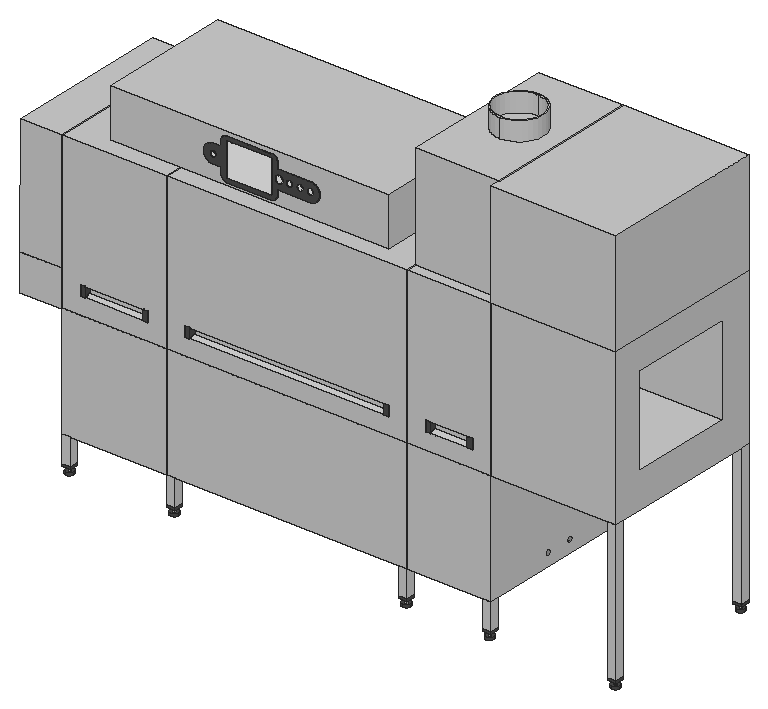
Revit family "QF_COMENDA_AC2EP5_L-R - Copia", category Attrezzature speciali, Revit 2017
Family settings
  Quota connettore circolare = Usa diametro
  Tipo di parte = Normale
  Basato su piano di lavoro = No
  Sempre verticale = Sì
  Taglio con vuoti quando caricato = No
  Condiviso = No
  Punto di calcolo locali = No
Parameters
  URL catalogo = "https://www.comenda.eu/site/assets/files/2458/ac2e.pdf"
  URL = "https://www.comenda.eu/"
  Tipo di raccordo elettrico = "Three-phase neutral"
  Tensione = 400 V
  Temperatura raccomandata per acqua fredda  = 12 °C
  Temperatura raccomandata per acqua calda  = 55 °C
  Temperatura dell'aria evacuata = 35 °C
  Protezione contro le sovracorrenti = 125 A
  Profondità = 790 mm
  Produttore = "Comenda"
  Pressione minima acqua calda = 2.0 bar
  Potenza in CV = "4603.7"
  Potenza elettrica = 33860 W
  Portata di evacuazione = 480.0 m³/h
  Phase = 3
  Pessione minima acqua fredda = 2.0 bar
  Peso netto = 320.00 kg
  Omniclass numero e denominazione = "23.40.40.14 Food Service Equipment"
  Numero dei poli = 3
  Modello = "AC2EP6N"
  Lunghezza = 2850 mm
  Frequenza = 50 Hz
  Flusso acqua fredda = 4.5 L/min
  Diametro raccordo acqua calda = 19.1 mm
  Diametro dello scarico diretto di acqua = 100 mm
  Diametro condotto di evacuazione = 230 mm
  Diametro condotta acqua fredda = 19.1 mm
  Descrizione = "600 mm PREWASH ZONE, 1150 mm WASH ZONE, 400 mm DOUBLE RINSE ZONE, 800 mm DRYING ZONE WITH INTEGRATED HEAT RECOVERY UNIT"
  Corrente di funzionamento normale = 56.2 A
  Codice assieme = "60BE03440"
  Altezza connessione scarico diretto = 170 mm
  Altezza connessione elettrica = 1615 mm
  Altezza connessione acqua fredda = 234 mm
  Altezza connessione acqua calda = 234 mm
  Altezza = 2040 mm
Reference planes
  plane 1 "Centro (Fronte/Retro)": y = 0
  plane 2: z = 0
  plane 3 "Centro (Sinistra/Destra)": x = 0
Lines and regions (mm)
  symbolic lines, style "QF_Clearance", detail levels coarse+medium
    curve 1: line (0, 100, 0) -> (2850, 100, 0)
  symbolic lines, style "QF_Clearance", detail levels coarse
    curve 2: line (0, -1330, 0) -> (2850, -1330, 0)
    curve 3: line (1093.025, -265.203, 0) -> (1253.025, -265.203, 0)
    curve 4: line (1253.025, -265.203, 0) -> (1253.025, -225.203, 0)
    curve 5: line (1093.025, -345.203, 0) -> (1253.025, -345.203, 0)
    curve 6: line (1253.025, -345.203, 0) -> (1253.025, -385.203, 0)
    curve 7: line (1253.025, -225.203, 0) -> (1348.365, -305.203, 0)
    curve 8: line (1253.025, -385.203, 0) -> (1348.365, -305.203, 0)
    curve 9: line (1093.025, -265.203, 0) -> (1093.025, -345.203, 0)
Dimensions and locks
  "Altezza connessione acqua calda": nested 2 to level
  "Altezza connessione acqua fredda": nested 2 to level
  "Altezza connessione elettrica": nested 4 to level
  "Profondità": nested 2 to nested 2
  "Altezza": nested 7 to nested 2
  "Lunghezza": nested 3 to nested 6
  aligned and locked: level to plane 2
  aligned and locked: plane 3 "Centro (Sinistra/Destra)" to curve 1
  aligned and locked: plane 3 "Centro (Sinistra/Destra)" to curve 2
  aligned and locked: curve 1 to curve 2
  aligned and locked: plane 1 "Centro (Fronte/Retro)" to nested 3
  aligned and locked: plane 3 "Centro (Sinistra/Destra)" to nested 3
  aligned and locked: plane 1 "Centro (Fronte/Retro)" to nested 5
  aligned and locked: nested 3 to nested 5
  aligned and locked: plane 1 "Centro (Fronte/Retro)" to nested 1
  aligned and locked: nested 1 to nested 5
  aligned and locked: nested 2 to nested 1
  aligned and locked: nested 1 to nested 2
  aligned and locked: nested 6 to nested 2
  aligned and locked: nested 2 to nested 6
  aligned and locked: nested 1 to nested 7
  aligned and locked: nested 7 to nested 6
Automatic sketch dimensions
  plane 1 "Centro (Fronte/Retro)" to curve 9 = 265.203 mm
  plane 3 "Centro (Sinistra/Destra)" to curve 9 = 1093.025 mm
  curve 3 to curve 4 = 160 mm
  plane 1 "Centro (Fronte/Retro)" to curve 8 = 385.203 mm
  curve 8 to curve 3 = 0 mm
  plane 1 "Centro (Fronte/Retro)" to curve 8 = 305.203 mm
  curve 3 to curve 8 = 95.34 mm
  curve 6 to curve 5 = 40 mm
  curve 3 to curve 4 = 40 mm
  curve 1 to plane 1 "Centro (Fronte/Retro)" = 100 mm
  curve 7 to curve 1 = 1501.635 mm
  plane 1 "Centro (Fronte/Retro)" to curve 2 = 1330 mm
Nested families
  nested 1: "QF_60-EM0-0" at (1275, 0, 0), type "QF_604EM000S"
  nested 2: "QF_60-EM0-0" at (2050, 0, 0), type "QF_604EM040S"
  nested 3: "QF_602EA000" at (0, 0, 0), type "602EA010"
  nested 4: "QF_110903" at (1027.92, -64.429, 0), type "QF_110903"
  nested 5: "QF_60-EM0-0" at (450, 0, 0), type "QF_602EM010S"
  nested 6: "QF_602EM040" at (2550, 0, 0), type "QF_602EA040S"
  nested 7: "QF_602EA030" at (1850, 0, 0), type "QF_602EA030"
Connectors
  piping at (1275, -540, 170), diameter 100, driven by "Diametro dello scarico diretto di acqua"
    settings: on nested 1, index 1, connector inside diameter 609.6 mm, connector length 0 mm, flow factor 0, pipe flow 0.0 L/min, pressure drop 0.0 bar, fitting loss kfactor 0, connector angle 0.00°, fixture units 0, engagement length 0 mm, angle of deflection 0.00°, flow configuration 0, flow direction 2, fitting loss method 0, system type 16, joint type 0, gender type 0, connector reference index -1, connector utility 1, adjustable connector no, is connector primary yes, connector description "QF_Drain point"
  electrical at (1592.92, -62.429, 1630), driven by "Numero dei poli", driven by "Tensione"
    settings: on nested 4, index 6, voltage 400 V, apparent load 0 VA, apparent load phase1 0 VA, apparent load phase2 0 VA, apparent load phase3 0 VA, power factor 1, load classification "Altro", number of poles 3, system type 30, power factor state 1, is connector primary yes, connector utility no, sub classification motor no, connector description "QF_Electrical connection"
  piping at (480, -475, 160), diameter 100, driven by "Diametro dello scarico diretto di acqua"
    settings: on nested 5, index 7, connector inside diameter 609.6 mm, connector length 0 mm, flow factor 0, pipe flow 0.0 L/min, pressure drop 0.0 bar, fitting loss kfactor 0, connector angle 0.00°, fixture units 0, engagement length 0 mm, angle of deflection 0.00°, flow configuration 0, flow direction 2, fitting loss method 0, system type 16, joint type 0, gender type 0, connector reference index -1, connector utility 1, adjustable connector no, is connector primary no, connector description "QF_Drain point"
  hvac at (2050, -370, 2040), driven by "Diametro condotto di evacuazione", driven by "Portata di evacuazione"
    settings: on nested 7, index 8, duct flow 480.0 m³/h, flow factor 0, pres drop 0.0 Pa, loss coef 0, conn angle 0.00°, conn width 304.8 mm, conn height 304.8 mm, conn diameter 230 mm, duct sys type 3, conn prof type 0, flow config 0, flow direction 2, loss method 0, conn ref index -1, conn util no, is conn primary yes, conn desc "QF_Exhaust air"
  piping at (2255, -453, 234), diameter 19.1, driven by "Diametro condotta acqua fredda", driven by "Flusso acqua fredda"
    settings: on nested 2, index 9, connector inside diameter 609.6 mm, connector length 0 mm, flow factor 0, pipe flow 4.5 L/min, pressure drop 0.0 bar, fitting loss kfactor 0, connector angle 0.00°, fixture units 0, engagement length 0 mm, angle of deflection 0.00°, flow configuration 0, flow direction 1, fitting loss method 0, system type 20, joint type 0, gender type 0, connector reference index -1, connector utility 0, adjustable connector no, is connector primary no, connector description "QF_Cold water inlet"
  piping at (2255, -323, 234), diameter 19.1, driven by "Diametro raccordo acqua calda"
    settings: on nested 2, index 10, connector inside diameter 609.6 mm, connector length 0 mm, flow factor 0, pipe flow 0.0 L/min, pressure drop 0.0 bar, fitting loss kfactor 0, connector angle 0.00°, fixture units 0, engagement length 0 mm, angle of deflection 0.00°, flow configuration 0, flow direction 1, fitting loss method 0, system type 19, joint type 0, gender type 0, connector reference index -1, connector utility 0, adjustable connector no, is connector primary no, connector description "QF_Hot water inlet"
Definition of nested family "QF_60-EM0-0"
  Parameters (values of type "QF_604EM040D")
    RIGHT WATER CONNECTION = no
    RIGHT FEET = no
    LOADING HEIGHT = 880 mm
    LENGTH = 400 mm
    LEFT WATER CONNECTION = yes
    LEFT FEET = yes
    INTERFACE = no
    ELECTRICAL CONNECTION = no
    DRAIN POINT FROM THE SIDE = 200 mm
    DRAIN POINT FROM BEHIND = 475 mm
    DRAIN POINT = no
    CENTRALIZED DRAIN POINT ON THE RIGHT = no
    CENTRALIZED DRAIN POINT ON THE LEFT = no
  Types (18, lengths in mm): name | RIGHT WATER CONNECTION | RIGHT FEET | LENGTH | LEFT WATER CONNECTION | LEFT FEET | INTERFACE | ELECTRICAL CONNECTION | DRAIN POINT FROM THE SIDE | DRAIN POINT FROM BEHIND | DRAIN POINT
    QF_601EM020D | no | no | 900 | yes | yes | no | no | 450 | 475 | no
    QF_601EM020S | yes | yes | 900 | no | no | no | no | 450 | 475 | no
    QF_604EM030D | no | yes | 900 | no | no | no | no | 450 | 475 | yes
    QF_604EM030S | no | no | 900 | no | yes | no | no | 450 | 475 | yes
    QF_602EM000D | yes | yes | 1150 | no | yes | yes | yes | 575 | 540 | yes
    QF_602EM000S | yes | yes | 1150 | no | yes | yes | yes | 575 | 540 | yes
    QF_604EM000S | no | yes | 1150 | no | yes | no | no | 575 | 540 | yes
    QF_604EM000D | no | yes | 1150 | no | yes | no | no | 575 | 540 | yes
    QF_602EM010D | yes | yes | 500 | no | no | no | no | 280 | 475 | yes
    QF_602EM010S | no | no | 500 | no | yes | no | no | 280 | 475 | yes
    QF_604EM010D | no | yes | 600 | no | no | no | no | 300 | 475 | yes
    QF_604EM010S | no | no | 600 | no | yes | no | no | 300 | 475 | yes
    QF_604EM040D | no | no | 400 | yes | yes | no | no | 200 | 475 | no
    QF_604EM040S | yes | yes | 400 | no | no | no | no | 200 | 475 | no
    QF_601EM060D | no | no | 400 | no | yes | no | no | 200 | 475 | no
    QF_601EM060S | no | yes | 400 | no | no | no | no | 200 | 475 | no
    QF_601EM070D | no | no | 600 | no | yes | no | no | 300 | 475 | no
    QF_601EM070S | no | yes | 600 | no | no | no | no | 300 | 475 | no
  Reference planes
    plane 1 "Centro (Fronte/Retro)": y = 0
    plane 2: z = 0
    plane 3 "Centro (Sinistra/Destra)": x = 0
  Forms (mm)
    Extrusion 1, solid
      sketch origin (0, 0, 0) x (1, 0, 0) y (0, 1, 0)
        loop
          line (-200, 0) -> (-200, -790) -> (200, -790) -> (200, 0) -> (-200, 0)
      from 170 to 710
    Extrusion 2, solid, visible <- "LEFT FEET"
      sketch origin (0, 0, 0) x (1, 0, 0) y (0, 1, 0)
        loop
          line (-200, 0) -> (-200, -40) -> (-160, -40) -> (-160, 0) -> (-200, 0)
        loop
          line (-200, -790) -> (-160, -790) -> (-160, -750) -> (-200, -750) -> (-200, -790)
      from 40 to 170
    Extrusion 3, solid, visible <- "RIGHT FEET"
      sketch origin (0, 0, 0) x (1, 0, 0) y (0, 1, 0)
        loop
          line (200, 0) -> (160, 0) -> (160, -40) -> (200, -40) -> (200, 0)
        loop
          line (200, -790) -> (200, -750) -> (160, -750) -> (160, -790) -> (200, -790)
      from 40 to 170
    Extrusion 4, solid, visible <- "LEFT FEET", detail levels fine
      sketch origin (0, 0, 40) x (0, 1, 0) y (1, 0, 0)
        loop
          line (-790, -200) -> (-750, -200) -> (-750, -160) -> (-790, -160) -> (-790, -200)
        loop
          line (-40, -200) -> (0, -200) -> (0, -160) -> (-40, -160) -> (-40, -200)
      from 0 to 10
    Extrusion 5, solid, visible <- "RIGHT FEET", detail levels fine
      sketch origin (0, 0, 40) x (0, 1, 0) y (1, 0, 0)
        loop
          line (-790, 200) -> (-790, 160) -> (-750, 160) -> (-750, 200) -> (-790, 200)
        loop
          line (-40, 200) -> (-40, 160) -> (0, 160) -> (0, 200) -> (-40, 200)
      from 0 to 10
    Extrusion 6, solid, visible <- "LEFT FEET"
      sketch origin (0, 0, 0) x (1, 0, 0) y (0, 1, 0)
        loop
          circle (-180, -20) r 20
        loop
          circle (-180, -770) r 20
      from 0 to 10
    Extrusion 7, solid, visible <- "RIGHT FEET"
      sketch origin (0, 0, 0) x (1, 0, 0) y (0, 1, 0)
        loop
          circle (180, -20) r 20
        loop
          circle (180, -770) r 20
      from 0 to 10
    Extrusion 8, solid, visible <- "RIGHT FEET"
      sketch origin (0, 0, 0) x (1, 0, 0) y (0, 1, 0)
        loop
          circle (180, -770) r 5
        loop
          circle (180, -20) r 5
      from 0 to 30
    Extrusion 9, solid, visible <- "LEFT FEET"
      sketch origin (0, 0, 0) x (1, 0, 0) y (0, 1, 0)
        loop
          circle (-180, -20) r 5
        loop
          circle (-180, -770) r 5
      from 0 to 30
    Extrusion 10, solid
      sketch origin (0, 0, 0) x (0, 1, 0) y (0, 0, 1)
        loop
          line (0, 710) -> (0, 1450) -> (-790, 1450) -> (-790, 710) -> (0, 710)
        loop
          line (-655, 1310) -> (-655, 880) -> (-155, 880) -> (-155, 1310) -> (-655, 1310)
      from -200 to 200
    Extrusion 11, solid, visible <- "DRAIN POINT", detail levels coarse
      sketch origin (0, 0, 170) x (0, 1, 0) y (1, 0, 0)
        loop
          circle (-475, 0) r 50
      from 0 to 10
    Blend 12, void, detail levels fine
      base sketch origin (0, -790, 710) x (0, 0, -1) y (-1, 0, 0)
        loop
          line (-130, 112) -> (-130, -112) -> (-80, -112) -> (-80, 112) -> (-130, 112)
      top sketch origin (0, -790, 710) x (0, 0, -1) y (-1, 0, 0)
        loop
          line (-120, 102) -> (-120, -102) -> (-90, -102) -> (-90, 102) -> (-120, 102)
      from 0 to 25
    Blend 13, solid, detail levels fine
      base sketch origin (0, -790, 710) x (0, 0, 1) y (-1, 0, 0)
        loop
          line (80, 112) -> (80, 92)
          arc (80, 92) -> (81.464, 88.464) -> (85, 87) r 5
          line (85, 87) -> (125, 87)
          arc (125, 87) -> (128.536, 88.464) -> (130, 92) r 5
          line (130, 92) -> (130, 112) -> (80, 112)
      top sketch origin (0, -790, 710) x (0, 0, 1) y (-1, 0, 0)
        loop
          line (120, 102) -> (90, 102) -> (90, 87) -> (120, 87) -> (120, 102)
      from 0 to -25
    Blend 14, solid, detail levels fine
      base sketch origin (0, -790, 710) x (0, 0, 1) y (-1, 0, 0)
        loop
          line (80, -112) -> (130, -112) -> (130, -92)
          arc (130, -92) -> (128.536, -88.464) -> (125, -87) r 5
          line (125, -87) -> (85, -87)
          arc (85, -87) -> (81.464, -88.464) -> (80, -92) r 5
          line (80, -92) -> (80, -112)
      top sketch origin (0, -790, 710) x (0, 0, 1) y (-1, 0, 0)
        loop
          line (90, -102) -> (120, -102) -> (120, -87) -> (90, -87) -> (90, -102)
      from 0 to -25
    Extrusion 15, solid, detail levels fine
      sketch origin (200, 0, 0) x (0, 1, 0) y (0, 0, 1)
        loop
          line (-655, 1310) -> (-655, 960) -> (-607, 960) -> (-607, 1210) -> (-603, 1210) -> (-603, 960) -> (-557, 960) -> (-557, 1210) -> (-553, 1210) -> (-553, 960) -> (-507, 960) -> (-507, 1210) -> (-503, 1210) -> (-503, 960) -> (-457, 960) -> (-457, 1210) -> (-453, 1210) -> (-453, 960) -> (-407, 960) -> (-407, 1210) -> (-403, 1210) -> (-403, 960) -> (-357, 960) -> (-357, 1210) -> (-353, 1210) -> (-353, 960) -> (-307, 960) -> (-307, 1210) -> (-303, 1210) -> (-303, 960) -> (-257, 960) -> (-257, 1210) -> (-253, 1210) -> (-253, 960) -> (-207, 960) -> (-207, 1210) -> (-203, 1210) -> (-203, 960) -> (-155, 960) -> (-155, 1310) -> (-655, 1310)
      from 0 to -10
    Extrusion 16, solid, detail levels fine
      sketch origin (-200, 0, 0) x (0, -1, 0) y (0, 0, 1)
        loop
          line (155, 1310) -> (155, 960) -> (203, 960) -> (203, 1210) -> (207, 1210) -> (207, 960) -> (253, 960) -> (253, 1210) -> (257, 1210) -> (257, 960) -> (303, 960) -> (303, 1210) -> (307, 1210) -> (307, 960) -> (353, 960) -> (353, 1210) -> (357, 1210) -> (357, 960) -> (403, 960) -> (403, 1210) -> (407, 1210) -> (407, 960) -> (453, 960) -> (453, 1210) -> (457, 1210) -> (457, 960) -> (503, 960) -> (503, 1210) -> (507, 1210) -> (507, 960) -> (553, 960) -> (553, 1210) -> (557, 1210) -> (557, 960) -> (603, 960) -> (603, 1210) -> (607, 1210) -> (607, 960) -> (655, 960) -> (655, 1310) -> (155, 1310)
      from 0 to -10
    Extrusion 17, solid, visible <- "INTERFACE", detail levels fine
      sketch origin (200, -790, 0) x (-1, 0, 0) y (0, 0, -1)
        loop
          arc (280, -619.644) -> (294.142, -613.786) -> (300, -599.644) r 20
          line (300, -599.644) -> (300, -490)
          arc (300, -490) -> (294.142, -475.858) -> (280, -470) r 20
          line (280, -470) -> (70, -470)
          arc (70, -470) -> (55.858, -475.858) -> (50, -490) r 20
          line (50, -490) -> (50, -599.644)
          arc (50, -599.644) -> (55.858, -613.786) -> (70, -619.644) r 20
          line (70, -619.644) -> (280, -619.644)
        loop
          arc (280, -609.644) -> (287.071, -606.715) -> (290, -599.644) r 10
          line (290, -599.644) -> (290, -490)
          arc (290, -490) -> (287.071, -482.929) -> (280, -480) r 10
          line (280, -480) -> (70, -480)
          arc (70, -480) -> (62.929, -482.929) -> (60, -490) r 10
          line (60, -490) -> (60, -599.644)
          arc (60, -599.644) -> (62.929, -606.715) -> (70, -609.644) r 10
          line (70, -609.644) -> (280, -609.644)
      from 0 to 2
    Extrusion 18, solid, visible <- "INTERFACE", detail levels fine
      sketch origin (200, -790, 0) x (-1, 0, 0) y (0, 0, -1)
        loop
          arc (280, -609.644) -> (287.071, -606.715) -> (290, -599.644) r 10
          line (290, -599.644) -> (290, -490)
          arc (290, -490) -> (287.071, -482.929) -> (280, -480) r 10
          line (280, -480) -> (70, -480)
          arc (70, -480) -> (62.929, -482.929) -> (60, -490) r 10
          line (60, -490) -> (60, -599.644)
          arc (60, -599.644) -> (62.929, -606.715) -> (70, -609.644) r 10
          line (70, -609.644) -> (280, -609.644)
      from 0 to 2
    Extrusion 19, solid, visible <- "RIGHT WATER CONNECTION"
      sketch origin (200, 0, 0) x (0, -1, 0) y (0, 0, -1)
        loop
          circle (323, -234) r 9.55
        loop
          circle (453, -234) r 9.55
      from 0 to 5
    Extrusion 20, solid, visible <- "LEFT WATER CONNECTION"
      sketch origin (-200, -790, 0) x (0, 1, 0) y (0, 0, -1)
        loop
          circle (467, -234) r 9.55
        loop
          circle (337, -234) r 9.55
      from 0 to 5
    Extrusion 21, solid, visible <- "CENTRALIZED DRAIN POINT ON THE LEFT", detail levels coarse
      sketch origin (0, 0, 170) x (0, 1, 0) y (1, 0, 0)
        loop
          circle (-190, -150) r 50
      from 0 to 25
    Extrusion 22, solid, visible <- "CENTRALIZED DRAIN POINT ON THE RIGHT", detail levels coarse
      sketch origin (0, 0, 170) x (0, 1, 0) y (1, 0, 0)
        loop
          circle (-190, 150) r 50
      from 0 to 25
    Extrusion 23, solid, visible <- "ELECTRICAL CONNECTION", detail levels coarse
      sketch origin (0, 0, 170) x (0, 1, 0) y (1, 0, 0)
        loop
          circle (-715, -50) r 20
      from 0 to 25
    Extrusion 24, solid, detail levels coarse
      sketch origin (0, -790, 1450) x (0, 1, 0) y (-1, 0, 0)
        loop
          line (0, 200) -> (0, -200) -> (55, -200) -> (55, 200) -> (0, 200)
      from 0 to 550
  Cuts and joins
    Blend 12 cuts Extrusion 10
  Dimensions and locks
    equal spacing: Extrusion 1 sketch curve, plane 3 "Centro (Sinistra/Destra)", Extrusion 1 sketch curve
    "LENGTH": Extrusion 1 sketch curve to Extrusion 1 sketch curve
    locked: Extrusion 1 sketch curve to plane 1 "Centro (Fronte/Retro)" at 790
    locked: Extrusion 1 to Extrusion 1 at 540
    locked: Extrusion 1 to Extrusion 2 sketch curve at 40  (x3)
    locked: Extrusion 2 to level at 40
    locked: Extrusion 3 sketch curve to plane 1 "Centro (Fronte/Retro)" at 40
    locked: Extrusion 3 sketch curve to Extrusion 1 at 40
    locked: Extrusion 1 to Extrusion 3 sketch curve at 40
    locked: Extrusion 1 to Extrusion 6 sketch curve at 20  (x4)
    locked: Extrusion 7 sketch curve to Extrusion 1 at 20  (x2)
    locked: Extrusion 1 to Extrusion 7 sketch curve at 20  (x2)
    locked: Extrusion 8 sketch curve to Extrusion 1 at 20  (x2)
    locked: Extrusion 1 to Extrusion 8 sketch curve at 20  (x2)
    locked: Extrusion 9 sketch curve to Extrusion 2 at 20  (x2)
    locked: Extrusion 2 to Extrusion 9 sketch curve at 20  (x2)
    locked: Extrusion 10 sketch curve to Extrusion 1 at 740
    locked: Extrusion 10 sketch curve to Extrusion 10 sketch curve at 140
    locked: Extrusion 10 sketch curve to Extrusion 10 sketch curve at 155
    locked: Extrusion 10 sketch curve to Extrusion 10 sketch curve at 500
    locked: Extrusion 10 sketch curve to Extrusion 10 sketch curve at 430
    "LOADING HEIGHT": Extrusion 10 to level
    "DRAIN POINT FROM THE SIDE": Extrusion 11 sketch curve to Extrusion 1
    "DRAIN POINT FROM BEHIND": Extrusion 1 to Extrusion 11 sketch curve
    locked: Extrusion 10 to Blend 12 sketch curve at 88  (x2)
    locked: Extrusion 10 to Blend 12 sketch curve at 80
    locked: Blend 12 sketch curve to Blend 12 sketch curve at 50
    locked: Blend 13 sketch curve to Blend 13 sketch curve at 25
    locked: Blend 14 sketch curve to Blend 14 sketch curve at 25
    locked: Extrusion 15 sketch curve to cut or joined group of Extrusion 10, Blend 12 at 80  (x2)
    locked: Extrusion 15 sketch curve to cut or joined group of Extrusion 10, Blend 12 at 100
    locked: Extrusion 1 to Extrusion 17 sketch curve at 100
    locked: Extrusion 17 sketch curve to Extrusion 17 sketch curve at 250
    locked: Extrusion 17 sketch curve to Extrusion 1 at 300
    locked: Extrusion 17 sketch curve to Extrusion 17 sketch curve at 149.644
    locked: Extrusion 17 sketch curve to Extrusion 17 sketch curve at 10  (x4)
    locked: Extrusion 1 to Extrusion 19 sketch curve at 64  (x2)
    locked: Extrusion 19 sketch curve to Extrusion 1 at 323
    locked: Extrusion 19 sketch curve to Extrusion 1 at 453
    locked: Extrusion 1 to Extrusion 20 sketch curve at 64  (x2)
    locked: Extrusion 1 to Extrusion 20 sketch curve at 323
    locked: Extrusion 1 to Extrusion 20 sketch curve at 453
    locked: Extrusion 1 to Extrusion 21 sketch curve at 190
    locked: Extrusion 21 sketch curve to Extrusion 1 at 50
    locked: Extrusion 1 to Extrusion 22 sketch curve at 190
    locked: Extrusion 1 to Extrusion 22 sketch curve at 50
    locked: Extrusion 1 to Extrusion 23 sketch curve at 250
    locked: Extrusion 1 to Extrusion 23 sketch curve at 75
    locked: Extrusion 1 to Extrusion 24 sketch curve at 55
    aligned and locked: level to plane 2
    aligned and locked: plane 1 "Centro (Fronte/Retro)" to Extrusion 1 sketch curve
    aligned and locked: Extrusion 1 to Extrusion 2 sketch curve
    aligned and locked: Extrusion 2 sketch curve to Extrusion 2 sketch curve
    aligned and locked: Extrusion 2 sketch curve to Extrusion 1
    aligned and locked: Extrusion 2 to Extrusion 1
    aligned and locked: Extrusion 3 sketch curve to Extrusion 1  (x3)
    aligned and locked: Extrusion 1 to Extrusion 3 sketch curve
    aligned and locked: Extrusion 3 sketch curve to Extrusion 3 sketch curve
    aligned and locked: Extrusion 3 to Extrusion 1
    aligned and locked: Extrusion 2 to Extrusion 3
    aligned and locked: Extrusion 4 sketch curve to Extrusion 2  (x8)
    aligned and locked: Extrusion 5 sketch curve to Extrusion 3  (x8)
    aligned and locked: Extrusion 8 to Extrusion 5
    aligned and locked: Extrusion 8 to level
    aligned and locked: Extrusion 7 to level
    aligned and locked: Extrusion 9 to Extrusion 4
    aligned and locked: Extrusion 9 to level
    aligned and locked: Extrusion 10 sketch curve to Extrusion 1  (x3)
    aligned and locked: Extrusion 1 to Extrusion 10
    aligned and locked: Extrusion 10 to Extrusion 1
    aligned and locked: Blend 13 sketch curve to cut or joined group of Extrusion 10, Blend 12  (x5)
    aligned and locked: cut or joined group of Extrusion 10, Blend 12 to Blend 13 sketch curve
    aligned and locked: var sketch to Blend 13 sketch curve
    aligned and locked: Blend 13 to cut or joined group of Extrusion 10, Blend 12
    aligned and locked: Blend 13 to Extrusion 1
    aligned and locked: Blend 14 sketch curve to cut or joined group of Extrusion 10, Blend 12  (x6)
    aligned and locked: Blend 14 sketch curve to var sketch
    aligned and locked: Blend 14 to cut or joined group of Extrusion 10, Blend 12
    aligned and locked: Extrusion 15 sketch curve to cut or joined group of Extrusion 10, Blend 12  (x3)
    aligned and locked: Extrusion 15 sketch curve to Extrusion 15 sketch curve  (x17)
    aligned and locked: Extrusion 15 to Extrusion 1
    aligned and locked: Extrusion 16 sketch curve to cut or joined group of Extrusion 10, Blend 12
    aligned and locked: Extrusion 16 sketch curve to Extrusion 15  (x39)
    aligned and locked: cut or joined group of Extrusion 10, Blend 12 to Extrusion 16
    aligned and locked: Extrusion 18 sketch curve to Extrusion 17  (x4)
    aligned and locked: Extrusion 24 sketch curve to Extrusion 1  (x3)
  Automatic sketch dimensions
    Extrusion 2 sketch curve to Extrusion 2 sketch curve = 40 mm  (x2)
    Blend 12 sketch curve to Blend 12 sketch curve = 30 mm
    Blend 12 sketch curve to Extrusion 10 = 98 mm  (x2)
    Blend 12 sketch curve to Extrusion 10 = 120 mm
    Blend 13 sketch curve to Blend 13 sketch curve = 0 mm  (x2)
    Blend 13 sketch curve to Blend 13 sketch curve = 5 mm  (x2)
    Blend 14 sketch curve to Blend 14 sketch curve = 0 mm  (x2)
    Blend 14 sketch curve to Blend 14 sketch curve = 5 mm  (x2)
    Extrusion 10 to Extrusion 15 sketch curve = 48 mm
    Extrusion 15 sketch curve to Extrusion 15 sketch curve = 4 mm  (x9)
    Extrusion 15 sketch curve to Extrusion 15 sketch curve = 46 mm  (x8)
    Extrusion 17 sketch curve to Extrusion 17 sketch curve = 0 mm  (x10)
    Extrusion 17 sketch curve to Extrusion 17 sketch curve = 20 mm
    Extrusion 18 sketch curve to Extrusion 18 sketch curve = 10 mm  (x3)
    Extrusion 18 sketch curve to Extrusion 18 sketch curve = 0 mm
    radius of Extrusion 6 sketch curve = 20 mm  (x2)
    radius of Extrusion 7 sketch curve = 20 mm  (x2)
    radius of Extrusion 8 sketch curve = 5 mm  (x2)
    radius of Extrusion 9 sketch curve = 5 mm  (x2)
    radius of Extrusion 19 sketch curve = 9.55 mm  (x2)
    radius of Extrusion 20 sketch curve = 9.55 mm  (x2)
    radius of Extrusion 21 sketch curve = 50 mm
    radius of Extrusion 22 sketch curve = 50 mm
    radius of Extrusion 23 sketch curve = 20 mm
    radius of Extrusion 11 sketch curve = 50 mm
Definition of nested family "QF_602EA000"
  Parameters (values of type "602EA000")
    LOADING HEIGHT = 880 mm
    LENGTH = 200 mm
    INTERFACE = no
    602EA120L = no
    602EA024S = no
    602EA024D = no
    602EA010 = no
    602EA000 = yes
  Types (3, lengths in mm): name | INTERFACE | 602EA010 | 602EA000
    602EA010 | no | yes | no
    602EA000 | no | no | yes
    604EA000 | yes | no | no
  Reference planes
    plane 1 "Centro (Fronte/Retro)": y = 0
    plane 2: z = 0
    plane 3 "Centro (Sinistra/Destra)": x = 0
  Forms (mm)
    Extrusion 1, solid
      sketch origin (0, 0, 0) x (0, 1, 0) y (0, 0, 1)
        loop
          line (0, 880) -> (0, 1450) -> (-790, 1450) -> (-790, 880) -> (-655, 880) -> (-655, 1310) -> (-155, 1310) -> (-155, 880) -> (0, 880)
      from 0 to 200
    Extrusion 2, solid
      sketch origin (0, 0, 0) x (0, 1, 0) y (0, 0, 1)
        loop
          line (-790, 880) -> (-790, 704) -> (0, 704) -> (0, 880) -> (-790, 880)
      from 0 to 200
    Extrusion 3, solid, visible <- "602EA000"
      sketch origin (0, 0, 0) x (0, 1, 0) y (0, 0, 1)
        loop
          line (0, 1450) -> (-790, 1450) -> (-790, 970) -> (-655, 925) -> (-655, 1310) -> (-155, 1310) -> (-155, 925) -> (0, 970) -> (0, 1450)
      from 0 to 200
    Extrusion 4, solid, visible <- "602EA120L"
      sketch origin (0, 0, 1450) x (0, -1, 0) y (1, 0, 0)
        loop
          circle (395, 100) r 90
        loop
          circle (395, 100) r 88
      from 0 to 90
    Extrusion 5, solid, visible <- "INTERFACE", detail levels fine
      sketch origin (0, -790, 1350) x (0, 0, -1) y (1, 0, 0)
        loop
          line (-50, 25) -> (150, 25) -> (150, 175) -> (-50, 175) -> (-50, 102)
          arc (-50, 102) -> (-48, 100) -> (-50, 98) r 2
          line (-50, 98) -> (-50, 25)
        loop
          line (-30, 45) -> (130, 45) -> (130, 155) -> (-30, 155) -> (-30, 45)
      from 0 to 2
    Extrusion 6, solid, visible <- "INTERFACE", detail levels fine
      sketch origin (0, -790, 1350) x (0, 0, -1) y (1, 0, 0)
        loop
          line (-30, 45) -> (130, 45) -> (130, 155) -> (-30, 155) -> (-30, 45)
      from 0 to 2
    Extrusion 7, solid, visible <- "602EA024D"
      sketch origin (0, -790, 1350) x (0, 0, -1) y (1, 0, 0)
        loop
          line (-100, 200) -> (-20, 200) -> (-70, 400) -> (-100, 400) -> (-100, 200)
      from 0 to -790
    Extrusion 8, solid, visible <- "602EA024S"
      sketch origin (0, -790, 1350) x (0, 0, -1) y (1, 0, 0)
        loop
          line (-100, 0) -> (-100, -200) -> (-70, -200) -> (-20, 0) -> (-100, 0)
      from 0 to -790
  Dimensions and locks
    "LOADING HEIGHT": Extrusion 1 sketch curve to level
    Extrusion 1 sketch curve to Extrusion 1 sketch curve = 135 mm
    locked: Extrusion 1 sketch curve to Extrusion 1 sketch curve at 430
    locked: Extrusion 1 sketch curve to Extrusion 1 sketch curve at 140
    locked: Extrusion 1 sketch curve to Extrusion 1 sketch curve at 790
    locked: Extrusion 1 sketch curve to Extrusion 1 sketch curve at 155
    "LENGTH": Extrusion 1 to plane 3 "Centro (Sinistra/Destra)"
    locked: Extrusion 2 sketch curve to Extrusion 2 sketch curve at 176
    locked: Extrusion 1 to Extrusion 3 sketch curve at 525  (x2)
    locked: Extrusion 1 to Extrusion 3 sketch curve at 480  (x2)
    equal spacing: Extrusion 3, Extrusion 4 sketch curve, Extrusion 3  (x2)
    locked: Extrusion 3 to Extrusion 5 sketch curve at 50
    Extrusion 5 sketch curve to Extrusion 5 sketch curve = 200 mm
    locked: Extrusion 5 sketch curve to Extrusion 5 sketch curve at 20  (x4)
    locked: Extrusion 5 sketch curve to Extrusion 5 sketch curve at 75
    locked: Extrusion 5 sketch curve to Extrusion 5 sketch curve at 150
    equal spacing: Extrusion 3, Extrusion 5 sketch curve, Extrusion 3
    locked: Extrusion 7 sketch curve to Extrusion 3 at 200
    locked: Extrusion 7 sketch curve to Extrusion 7 sketch curve at 30
    locked: Extrusion 7 sketch curve to Extrusion 7 sketch curve at 80
    locked: Extrusion 8 sketch curve to Extrusion 8 sketch curve at 30
    locked: Extrusion 8 sketch curve to Extrusion 3 at 200
    locked: Extrusion 8 sketch curve to Extrusion 8 sketch curve at 80
    aligned and locked: level to plane 2
    aligned and locked: Extrusion 1 sketch curve to Extrusion 1 sketch curve
    aligned and locked: Extrusion 2 sketch curve to Extrusion 1  (x2)
    aligned and locked: plane 1 "Centro (Fronte/Retro)" to Extrusion 2 sketch curve
    aligned and locked: Extrusion 2 to Extrusion 1
    aligned and locked: Extrusion 2 to plane 3 "Centro (Sinistra/Destra)"
    aligned and locked: Extrusion 3 sketch curve to Extrusion 1  (x4)
    aligned and locked: Extrusion 1 to Extrusion 3 sketch curve
    aligned and locked: Extrusion 3 to Extrusion 1
    aligned and locked: Extrusion 1 to Extrusion 3
    aligned and locked: Extrusion 6 sketch curve to Extrusion 5  (x4)
    aligned and locked: Extrusion 7 sketch curve to Extrusion 3  (x2)
    aligned and locked: Extrusion 1 to Extrusion 7
    aligned and locked: Extrusion 8 sketch curve to Extrusion 3
    aligned and locked: Extrusion 3 to Extrusion 8 sketch curve
    aligned and locked: Extrusion 1 to Extrusion 8  (x2)
  Automatic sketch dimensions
    Extrusion 3 sketch curve to Extrusion 3 sketch curve = 135 mm
    Extrusion 4 sketch curve to Extrusion 4 sketch curve = 0 mm  (x2)
    Extrusion 5 sketch curve to Extrusion 5 sketch curve = 2 mm
    Extrusion 1 sketch curve to plane 1 "Centro (Fronte/Retro)" = 0 mm
    radius of Extrusion 4 sketch curve = 90 mm
    radius of Extrusion 4 sketch curve = 88 mm
Definition of nested family "QF_110903"
  Parameters (values of type "QF_110903")
    LENGTH = 1330 mm
    INTERFACE = yes
    HEIGHT FROM THE FLOOR = 1450 mm
    ELECTRICAL CONNECTION = yes
  Types (2, lengths in mm): name | HEIGHT FROM THE FLOOR
    QF_110903 | 1450
    QF_110903A | 1575
  Reference planes
    plane 1 "Centro (Fronte/Retro)": y = 0
    plane 2: z = 0
    plane 3 "Centro (Sinistra/Destra)": x = 0
  Forms (mm)
    Extrusion 1, solid
      sketch origin (0, 0, 0) x (0, 1, 0) y (0, 0, 1)
        loop
          line (0, 1680) -> (-640, 1680) -> (-640, 1450) -> (0, 1450) -> (0, 1680)
      from -665 to 665
    Extrusion 2, solid
      sketch origin (0, 0, 1450) x (0, 0, 1) y (1, 0, 0)
        loop
          circle (180, 565) r 15
      from 0 to 2
    Extrusion 3, solid
      sketch origin (0, -640, 1680) x (0, 0, -1) y (1, 0, 0)
        loop
          line (72.25, -135.25) -> (72.25, -172.5)
          arc (72.25, -172.5) -> (117.25, -217.5) -> (162.25, -172.5) r 45
          line (162.25, -172.5) -> (162.25, -135.25) -> (186.5, -135.25)
          arc (186.5, -135.25) -> (207.713, -126.463) -> (216.5, -105.25) r 30
          line (216.5, -105.25) -> (216.5, 105.25)
          arc (216.5, 105.25) -> (207.713, 126.463) -> (186.5, 135.25) r 30
          line (186.5, 135.25) -> (162.25, 135.25) -> (162.25, 292.5)
          arc (162.25, 292.5) -> (117.25, 337.5) -> (72.25, 292.5) r 45
          line (72.25, 292.5) -> (72.25, 135.25) -> (48, 135.25)
          arc (48, 135.25) -> (26.787, 126.463) -> (18, 105.25) r 30
          line (18, 105.25) -> (18, 2)
          arc (18, 2) -> (20, 0) -> (18, -2) r 2
          line (18, -2) -> (18, -105.25)
          arc (18, -105.25) -> (26.787, -126.463) -> (48, -135.25) r 30
          line (48, -135.25) -> (72.25, -135.25)
        loop
          circle (117.25, 292.5) r 12.6
        loop
          circle (117.25, 242.5) r 12.6
        loop
          circle (117.25, 192.5) r 12.6
        loop
          circle (117.25, 142.5) r 17.5
        loop
          line (37.75, -107.5) -> (196.75, -107.5) -> (196.75, 107.5) -> (37.75, 107.5) -> (37.75, -107.5)
        loop
          circle (117.25, -172.5) r 12.6
      from 0 to 2
    Extrusion 4, solid
      sketch origin (0, -640, 1680) x (0, 0, -1) y (1, 0, 0)
        loop
          circle (117.25, -172.5) r 12.6
        loop
          circle (117.25, 142.5) r 17.5
        loop
          circle (117.25, 192.5) r 12.6
        loop
          circle (117.25, 242.5) r 12.6
        loop
          circle (117.25, 292.5) r 12.6
      from 0 to 2
    Extrusion 5, solid
      sketch origin (0, -640, 1680) x (0, 0, -1) y (1, 0, 0)
        loop
          line (37.75, -107.5) -> (196.75, -107.5) -> (196.75, 107.5) -> (37.75, 107.5) -> (37.75, -107.5)
      from 0 to 2
  Dimensions and locks
    locked: Extrusion 1 sketch curve to Extrusion 1 sketch curve at 230
    locked: Extrusion 1 sketch curve to plane 1 "Centro (Fronte/Retro)" at 640
    "HEIGHT FROM THE FLOOR": level to Extrusion 1 sketch curve
    equal spacing: Extrusion 1, plane 3 "Centro (Sinistra/Destra)", Extrusion 1
    "LENGTH": Extrusion 1 to Extrusion 1
    locked: Extrusion 1 to Extrusion 2 sketch curve at 100
    locked: Extrusion 2 sketch curve to Extrusion 1 at 50
    locked: Extrusion 1 to Extrusion 3 sketch curve at 18
    locked: Extrusion 3 sketch curve to Extrusion 3 sketch curve at 198.5
    locked: Extrusion 3 sketch curve to Extrusion 3 sketch curve at 215
    locked: Extrusion 3 sketch curve to Extrusion 3 sketch curve at 27.75  (x2)
    locked: Extrusion 3 sketch curve to Extrusion 3 sketch curve at 90  (x2)
    locked: Extrusion 3 sketch curve to Extrusion 3 sketch curve at 54.25  (x2)
    locked: Extrusion 3 sketch curve to Extrusion 3 sketch curve at 270.5
    locked: Extrusion 3 sketch curve to Extrusion 3 sketch curve at 65
    locked: Extrusion 3 sketch curve to Extrusion 3 sketch curve at 35
    locked: Extrusion 3 sketch curve to Extrusion 3 sketch curve at 85
    locked: Extrusion 3 sketch curve to Extrusion 3 sketch curve at 135
    locked: Extrusion 3 sketch curve to Extrusion 3 sketch curve at 185
    locked: Extrusion 3 sketch curve to Extrusion 3 sketch curve at 99.25  (x5)
    equal spacing: Extrusion 1, Extrusion 3 sketch curve, Extrusion 1
    aligned and locked: level to plane 2
    aligned and locked: Extrusion 4 sketch curve to Extrusion 3  (x10)
    aligned and locked: Extrusion 5 sketch curve to Extrusion 3  (x4)
  Automatic sketch dimensions
    Extrusion 3 sketch curve to Extrusion 3 sketch curve = 37.25 mm
    Extrusion 3 sketch curve to Extrusion 3 sketch curve = 24.25 mm
    Extrusion 3 sketch curve to Extrusion 3 sketch curve = 103.25 mm
    Extrusion 3 sketch curve to Extrusion 3 sketch curve = 4 mm
    Extrusion 3 sketch curve to Extrusion 3 sketch curve = 10.25 mm  (x3)
    Extrusion 3 sketch curve to Extrusion 3 sketch curve = 2.25 mm  (x2)
    Extrusion 3 sketch curve to Extrusion 3 sketch curve = 0 mm  (x2)
    Extrusion 1 sketch curve to plane 1 "Centro (Fronte/Retro)" = 0 mm
    radius of Extrusion 2 sketch curve = 15 mm
    radius of Extrusion 3 sketch curve = 12.6 mm  (x4)
    radius of Extrusion 3 sketch curve = 17.5 mm
Definition of nested family "QF_602EM040"
  Parameters (values of type "QF_604EA134D")
    RIGHT FEET = no
    LOADING HEIGHT = 880 mm
    LENGTH = 800 mm
    LEFT FEET = yes
    604EA133S = no
    604EA133D = no
  Types (6, lengths in mm): name | RIGHT FEET | LENGTH | LEFT FEET | 604EA133S | 604EA133D
    QF_602EA040D | no | 600 | yes | no | no
    QF_602EA040S | yes | 600 | no | no | no
    QF_604EA133D | no | 800 | yes | no | yes
    QF_604EA133S | yes | 800 | no | yes | no
    QF_604EA134D | no | 800 | yes | no | no
    QF_604EA134S | yes | 800 | no | no | no
  Reference planes
    plane 1 "Centro (Fronte/Retro)": y = 0
    plane 2: z = 0
    plane 3 "Centro (Sinistra/Destra)": x = 0
  Forms (mm)
    Extrusion 1, solid
      sketch origin (0, 0, 0) x (0, 1, 0) y (0, 0, 1)
        loop
          line (0, 1450) -> (-790, 1450) -> (-790, 710) -> (0, 710) -> (0, 1450)
        loop
          line (-155, 1310) -> (-655, 1310) -> (-655, 880) -> (-155, 880) -> (-155, 1310)
      from -400 to 400
    Extrusion 2, solid
      sketch origin (0, 0, 1450) x (0, -1, 0) y (1, 0, 0)
        loop
          line (790, 400) -> (0, 400) -> (0, -400) -> (790, -400) -> (790, 400)
      from 0 to 500
    Extrusion 3, solid, visible <- "LEFT FEET"
      sketch origin (0, 0, 0) x (1, 0, 0) y (0, 1, 0)
        loop
          line (-400, 0) -> (-400, -40) -> (-360, -40) -> (-360, 0) -> (-400, 0)
        loop
          line (-400, -790) -> (-360, -790) -> (-360, -750) -> (-400, -750) -> (-400, -790)
      from 40 to 710
    Extrusion 4, solid, visible <- "RIGHT FEET"
      sketch origin (0, 0, 0) x (1, 0, 0) y (0, 1, 0)
        loop
          line (400, 0) -> (360, 0) -> (360, -40) -> (400, -40) -> (400, 0)
        loop
          line (400, -790) -> (400, -750) -> (360, -750) -> (360, -790) -> (400, -790)
      from 40 to 710
    Extrusion 5, solid, visible <- "LEFT FEET", detail levels fine
      sketch origin (0, 0, 40) x (0, 1, 0) y (1, 0, 0)
        loop
          line (-750, -360) -> (-790, -360) -> (-790, -400) -> (-750, -400) -> (-750, -360)
        loop
          line (0, -360) -> (-40, -360) -> (-40, -400) -> (0, -400) -> (0, -360)
      from 0 to 10
    Extrusion 6, solid, visible <- "RIGHT FEET", detail levels fine
      sketch origin (0, 0, 40) x (0, 1, 0) y (1, 0, 0)
        loop
          line (-750, 400) -> (-790, 400) -> (-790, 360) -> (-750, 360) -> (-750, 400)
        loop
          line (-40, 400) -> (-40, 360) -> (0, 360) -> (0, 400) -> (-40, 400)
      from 0 to 10
    Extrusion 7, solid, visible <- "LEFT FEET"
      sketch origin (0, 0, 0) x (1, 0, 0) y (0, 1, 0)
        loop
          circle (-380, -20) r 5
        loop
          circle (-380, -770) r 5
      from 0 to 40
    Extrusion 8, solid, visible <- "RIGHT FEET"
      sketch origin (0, 0, 0) x (1, 0, 0) y (0, 1, 0)
        loop
          circle (380, -20) r 5
        loop
          circle (380, -770) r 5
      from 0 to 40
    Extrusion 9, solid, visible <- "LEFT FEET"
      sketch origin (0, 0, 0) x (1, 0, 0) y (0, 1, 0)
        loop
          circle (-380, -20) r 20
        loop
          circle (-380, -770) r 20
      from 0 to 10
    Extrusion 10, solid, visible <- "RIGHT FEET"
      sketch origin (0, 0, 0) x (1, 0, 0) y (0, 1, 0)
        loop
          circle (380, -20) r 20
        loop
          circle (380, -770) r 20
      from 0 to 10
    Extrusion 11, solid, visible <- "604EA133S"
      sketch origin (0, 0, 1950) x (0, -1, 0) y (1, 0, 0)
        loop
          circle (395, -250) r 115
        loop
          circle (395, -250) r 113
      from 0 to 90
    Extrusion 12, solid, visible <- "604EA133D"
      sketch origin (0, 0, 1950) x (0, -1, 0) y (1, 0, 0)
        loop
          circle (395, 250) r 115
        loop
          circle (395, 250) r 113
      from 0 to 90
  Dimensions and locks
    locked: Extrusion 1 sketch curve to Extrusion 1 sketch curve at 790
    locked: Extrusion 1 sketch curve to Extrusion 1 sketch curve at 155
    locked: Extrusion 1 sketch curve to Extrusion 1 sketch curve at 500
    locked: Extrusion 1 sketch curve to Extrusion 1 sketch curve at 170
    locked: Extrusion 1 sketch curve to Extrusion 1 sketch curve at 140
    locked: Extrusion 1 sketch curve to Extrusion 1 sketch curve at 430
    "LOADING HEIGHT": level to Extrusion 1 sketch curve
    equal spacing: Extrusion 1, plane 3 "Centro (Sinistra/Destra)", Extrusion 1
    "LENGTH": Extrusion 1 to Extrusion 1
    locked: Extrusion 2 to Extrusion 3 sketch curve at 40  (x3)
    locked: Extrusion 3 to level at 40
    locked: Extrusion 2 to Extrusion 4 sketch curve at 40  (x2)
    locked: Extrusion 4 sketch curve to Extrusion 2 at 40  (x2)
    locked: Extrusion 5 to Extrusion 5 at 10
    locked: Extrusion 7 sketch curve to Extrusion 3 at 20  (x2)
    locked: Extrusion 3 to Extrusion 7 sketch curve at 20  (x2)
    locked: Extrusion 4 to Extrusion 8 sketch curve at 20  (x4)
    locked: Extrusion 2 to Extrusion 9 sketch curve at 20  (x2)
    locked: Extrusion 9 sketch curve to Extrusion 3 at 20
    locked: Extrusion 3 to Extrusion 9 sketch curve at 20
    locked: Extrusion 10 sketch curve to Extrusion 2 at 20
    locked: Extrusion 2 to Extrusion 10 sketch curve at 20  (x2)
    locked: Extrusion 4 to Extrusion 10 sketch curve at 20
    locked: Extrusion 9 to level at 10
    equal spacing: Extrusion 2, Extrusion 11 sketch curve, Extrusion 2
    locked: Extrusion 2 to Extrusion 11 sketch curve at 150
    equal spacing: Extrusion 2, Extrusion 12 sketch curve, Extrusion 2
    locked: Extrusion 12 sketch curve to Extrusion 2 at 150
    aligned and locked: level to plane 2
    aligned and locked: Extrusion 1 sketch curve to plane 1 "Centro (Fronte/Retro)"
    aligned and locked: Extrusion 2 sketch curve to Extrusion 1  (x4)
    aligned and locked: Extrusion 3 sketch curve to Extrusion 1  (x3)
    aligned and locked: Extrusion 1 to Extrusion 3 sketch curve
    aligned and locked: Extrusion 3 sketch curve to Extrusion 3 sketch curve
    aligned and locked: Extrusion 3 to Extrusion 1
    aligned and locked: Extrusion 4 sketch curve to Extrusion 1
    aligned and locked: Extrusion 4 sketch curve to Extrusion 2  (x2)
    aligned and locked: Extrusion 2 to Extrusion 4 sketch curve
    aligned and locked: Extrusion 4 to Extrusion 1
    aligned and locked: Extrusion 3 to Extrusion 4
    aligned and locked: Extrusion 5 sketch curve to Extrusion 3  (x8)
    aligned and locked: Extrusion 6 sketch curve to Extrusion 4  (x8)
    aligned and locked: Extrusion 5 to Extrusion 3
    aligned and locked: Extrusion 6 to Extrusion 3
    aligned and locked: Extrusion 5 to Extrusion 6
    aligned and locked: Extrusion 7 to Extrusion 3
    aligned and locked: Extrusion 8 to Extrusion 3
    aligned and locked: Extrusion 7 to level
    aligned and locked: Extrusion 8 to level
    aligned and locked: Extrusion 9 to level
    aligned and locked: Extrusion 10 to level
    aligned and locked: Extrusion 10 to Extrusion 9
  Automatic sketch dimensions
    Extrusion 11 sketch curve to Extrusion 11 sketch curve = 0 mm  (x2)
    Extrusion 12 sketch curve to Extrusion 12 sketch curve = 0 mm  (x2)
    radius of Extrusion 7 sketch curve = 5 mm  (x2)
    radius of Extrusion 8 sketch curve = 5 mm  (x2)
    radius of Extrusion 9 sketch curve = 20 mm  (x2)
    radius of Extrusion 10 sketch curve = 20 mm  (x2)
    radius of Extrusion 11 sketch curve = 115 mm
    radius of Extrusion 11 sketch curve = 113 mm
    radius of Extrusion 12 sketch curve = 115 mm
    radius of Extrusion 12 sketch curve = 113 mm
Definition of nested family "QF_602EA030"
  Parameters (values of type "QF_602EA030")
    HEIGHT FROM THE FLOOR = 1450 mm
  Reference planes
    plane 1 "Centro (Fronte/Retro)": y = 0
    plane 2: z = 0
    plane 3 "Centro (Sinistra/Destra)": x = 0
  Forms (mm)
    Extrusion 1, solid
      sketch origin (0, 0, 0) x (0, 1, 0) y (0, 0, 1)
        loop
          line (0, 1950) -> (-740, 1950) -> (-740, 1450) -> (0, 1450) -> (0, 1950)
      from 0 to 400
    Extrusion 2, solid
      sketch origin (0, 0, 1950) x (0, -1, 0) y (1, 0, 0)
        loop
          circle (370, 200) r 115
        loop
          circle (370, 200) r 110
      from 0 to 90
  Dimensions and locks
    "HEIGHT FROM THE FLOOR": Extrusion 1 sketch curve to level
    locked: Extrusion 1 sketch curve to Extrusion 1 sketch curve at 500
    locked: Extrusion 1 sketch curve to Extrusion 1 sketch curve at 740
    equal spacing: Extrusion 1, Extrusion 2 sketch curve, Extrusion 1  (x2)
    aligned and locked: level to plane 2
  Automatic sketch dimensions
    Extrusion 2 sketch curve to Extrusion 2 sketch curve = 0 mm  (x2)
    Extrusion 1 sketch curve to plane 1 "Centro (Fronte/Retro)" = 0 mm
    radius of Extrusion 2 sketch curve = 115 mm
    radius of Extrusion 2 sketch curve = 110 mm
